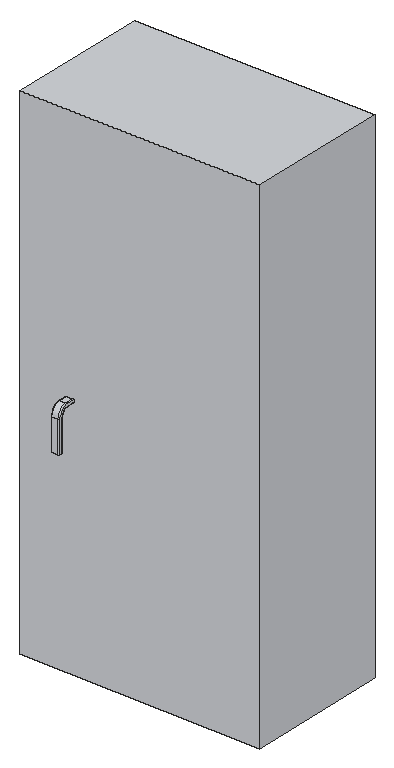
Revit family "M_Interruptor de transferência automática", category Equipamento elétrico, Revit 2019
Family settings
  Cota do conector redondo = Utilizar diâmetro
  Tipo de parte = Quadro elétrico
  Número OmniClass = 23.80.30.11.17
  Título OmniClass = Distribution Boards and Control Panels
  ID de item do Seek = Automatic Transfer Switch-0000-CAN-ENU
  Com base no plano de trabalho = Não
  Sempre na vertical = Sim
  Corte com vazios quando carregada = Não
  Compartilhado = Não
  Ponto de cálculo do ambiente = Não
Parameters (values of type "400-1000 A")
  Largura 2 = Largura do interruptor / 2  # 255.5 mm
  Largura 1 = 158 mm
  Largura do interruptor = 511 mm
  Voltagem do interruptor = 480 V
  Material do interruptor = none
  Comprimento do interruptor = 762 mm
  Altura do interruptor = 1600 mm
  Número de pólos = 3
  Classificação de carga = Outros
  Comprimento 1 = Comprimento do interruptor / 2  # 381 mm
  Altura 1 = 717 mm
Types (6, lengths in mm): name | Largura 2 | Largura 1 | Largura do interruptor | Comprimento do interruptor | Altura do interruptor | Comprimento 1 | Altura 1
  (no name) | 255.5 | 158 | 511 | 762 | 1600 | 381 | 717
  100-200 A | 193.5 | 73 | 387 | 457 | 1219 | 228.5 | 578
  200-400 A | 192 | 60 | 384 | 559 | 1219 | 279.5 | 565
  400-1000 A | 255.5 | 158 | 511 | 762 | 1600 | 381 | 717
  1000-2000 A | 789 | 159 | 1578 | 965 | 2286 | 482.5 | 921
  2000-4000 A | 941.5 | 159 | 1883 | 1168 | 2286 | 584 | 921
Reference planes
  plane 1 "Centro (Frente/Trás)": y = 0
  plane 2: z = 0
  plane 3 "Centro (Esquerda/Direita)": x = 0
  plane 4: x = -381
  plane 5: x = 381
  plane 6: y = -511
  plane 7 "perfil": y = -453.85
  plane 8: z = 1600
  plane 9: y = -255.5
  plane 10: z = 717
  plane 11 "caminho": x = -223
  plane 12: z = 783.675
  plane 13: z = 650.325
  plane 14: y = -504.65
  plane 15: y = -479.25
  plane 16: z = 777.325
  plane 17: z = 751.925
  plane 18: x = -235.7
  plane 19: x = -210.3
  plane 20: z = 770.975
  plane 21: x = -232.525
  plane 22: x = -213.451
  plane 23: z = 780.5
  plane 24: z = 774.15
Forms (mm)
  Extrusion 1, solid, material <- "Material do interruptor"
    sketch origin (0, 0, 0) x (1, 0, 0) y (0, 1, 0)
      loop
        line (-381, 0) -> (-381, -453.85) -> (381, -453.85) -> (381, 0) -> (-381, 0)
    from 1600 to 0
  Sweep 2, solid, material <- "Material do interruptor", detail levels fine
    path in 3D
      loop
        line (-223, -453.85, 777.325) -> (-223, -479.25, 777.325)
        arc (-223, -479.25, 777.325) -> (-223, -497.211, 769.886) -> (-223, -504.65, 751.925) r 25.4
        line (-223, -504.65, 751.925) -> (-223, -504.65, 650.325)
    profile origin (-223, -466.55, 777.325) x (0, 0, -1) y (1, 0, 0)
      loop
        line (-3.175, -12.7) -> (3.175, -12.7)
        arc (3.175, -12.7) -> (5.42, -11.77) -> (6.35, -9.525) r 3.175
        line (6.35, -9.525) -> (6.35, 9.549)
        arc (6.35, 9.549) -> (5.318, 11.897) -> (2.892, 12.724) r 3.187
        line (2.892, 12.724) -> (-3.175, 12.724)
        arc (-3.175, 12.724) -> (-5.42, 11.794) -> (-6.35, 9.549) r 3.175
        line (-6.35, 9.549) -> (-6.35, -9.525)
        arc (-6.35, -9.525) -> (-5.42, -11.77) -> (-3.175, -12.7) r 3.175
Lines and regions (mm)
  model lines, style "InvisibleLines"
    curve 1: line (-223, -453.85, 777.325) -> (-223, -479.25, 777.325)
    curve 2: line (-223, -504.65, 751.925) -> (-223, -504.65, 650.325)
    curve 3: arc (-223, -479.25, 777.325) -> (-223, -497.211, 769.886) -> (-223, -504.65, 751.925) r 25.4
    curve 4: line (-232.525, -453.85, 783.675) -> (-213.451, -453.85, 783.675)
    curve 5: line (-235.7, -453.85, 774.15) -> (-235.7, -453.85, 780.5)
    curve 6: line (-213.451, -453.85, 770.975) -> (-232.525, -453.85, 770.975)
    curve 7: line (-210.276, -453.85, 780.5) -> (-210.276, -453.85, 774.433)
    curve 8: arc (-235.7, -453.85, 780.5) -> (-234.77, -453.85, 782.745) -> (-232.525, -453.85, 783.675) r 3.175
    curve 9: arc (-213.451, -453.85, 783.675) -> (-211.206, -453.85, 782.745) -> (-210.276, -453.85, 780.5) r 3.175
    curve 10: arc (-210.276, -453.85, 774.433) -> (-211.103, -453.85, 772.007) -> (-213.451, -453.85, 770.975) r 3.187
    curve 11: arc (-232.525, -453.85, 770.975) -> (-234.77, -453.85, 771.905) -> (-235.7, -453.85, 774.15) r 3.175
  sketch lines
    curve 12: line (-223, -453.85, 777.325) -> (-223, -479.25, 777.325)
    curve 13: arc (-223, -479.25, 777.325) -> (-223, -497.211, 769.886) -> (-223, -504.65, 751.925) r 25.4
    curve 14: line (-223, -504.65, 751.925) -> (-223, -504.65, 650.325)
Dimensions and locks
  "Comprimento 1": plane 4 to plane 3 "Centro (Esquerda/Direita)"
  "Comprimento do interruptor": plane 4 to plane 5
  "Largura do interruptor": plane 6 to plane 1 "Centro (Frente/Trás)"
  locked: plane 7 "perfil" to plane 6 at 57.15
  "Altura do interruptor": plane 8 to plane 2
  "Largura 2": plane 1 "Centro (Frente/Trás)" to plane 9
  "Altura 1": plane 10 to plane 2
  "Largura 1": plane 11 "caminho" to plane 4
  locked: plane 12 to plane 10 at 66.675
  locked: plane 10 to plane 13 at 66.675
  locked: plane 14 to plane 6 at 6.35
  locked: plane 15 to plane 14 at 25.4
  locked: plane 12 to plane 16 at 6.35
  locked: plane 16 to plane 17 at 25.4
  locked: plane 11 "caminho" to plane 18 at 12.7
  locked: plane 19 to plane 11 "caminho" at 12.7
  locked: plane 12 to plane 20 at 12.7
  locked: plane 21 to plane 18 at 3.175
  plane 19 to plane 22 = 3.151 mm
  locked: plane 12 to plane 23 at 3.175
  locked: plane 24 to plane 20 at 3.175
  aligned and locked: Extrusion 1 to plane 1 "Centro (Frente/Trás)"
  aligned and locked: Extrusion 1 to plane 7 "perfil"
  aligned and locked: plane 5 to Extrusion 1  (x2)
  aligned and locked: Extrusion 1 to plane 4
  aligned and locked: plane 8 to Extrusion 1
  aligned and locked: Extrusion 1 to plane 2
  aligned and locked: plane 4 to Extrusion 1
  aligned and locked: plane 17 to curve 3  (x2)
  aligned and locked: plane 15 to curve 3
  aligned and locked: plane 13 to curve 2
  aligned and locked: plane 14 to curve 2
  aligned and locked: plane 7 "perfil" to curve 1
  aligned and locked: plane 16 to curve 1  (x2)
  aligned and locked: plane 21 to curve 8  (x2)
  aligned and locked: plane 23 to curve 8  (x2)
  aligned and locked: curve 4 to plane 12
  aligned and locked: plane 22 to curve 9  (x2)
  aligned and locked: plane 23 to curve 9  (x2)
  aligned and locked: plane 12 to curve 9
  aligned and locked: plane 22 to curve 10  (x2)
  aligned and locked: plane 24 to curve 11
  aligned and locked: plane 21 to curve 11
  aligned and locked: nested 1 to plane 9
  aligned and locked: plane 3 "Centro (Esquerda/Direita)" to nested 1
Automatic sketch dimensions
  Extrusion 1 sketch curve to plane 4 = 0 mm
  Extrusion 1 sketch curve to plane 5 = 0 mm
  Extrusion 1 sketch curve to plane 7 "perfil" = 0 mm
  Extrusion 1 sketch curve to plane 1 "Centro (Frente/Trás)" = 0 mm
  plane 24 to curve 10 = 0.012 mm
  profile plane to Sweep 2 sketch curve = 6.35 mm
  profile plane to Sweep 2 sketch curve = 3.175 mm  (x2)
  profile plane to Sweep 2 sketch curve = 9.549 mm
  Sweep 2 sketch curve to profile plane = 2.892 mm
  Sweep 2 sketch curve to profile plane = 3.163 mm
  Sweep 2 sketch curve to Sweep 2 sketch curve = 3.175 mm  (x2)
  Sweep 2 sketch curve to profile plane = 9.525 mm
Nested families
  nested 1: "M_Anotação de legenda 3-32" at (0, -255.5, 0), type "Anotação de legenda 3-32", detail levels coarse+medium
Connectors
  electrical at (0, -226.925, 1600), driven by "Voltagem do interruptor", driven by "Número de pólos", driven by "Classificação de carga"
    settings: on Extrusion 1, index 1, voltage 480 V, apparent load 0 VA, apparent load phase1 0 VA, apparent load phase2 0 VA, apparent load phase3 0 VA, power factor 0.8, load classification "Outros", number of poles 3, system type 31, power factor state 1, is connector primary yes, connector utility no, sub classification motor no, connector description ""
  cabletrayconduit at (0, -226.925, 1600), diameter 600
    settings: on Extrusion 1, index 2, connector width 300 mm, connector height 300 mm, connector angle 0.00°, system type 32, placement type 1, profile type 0, connector reference index -1, is primary connector yes, connector utility param no, connector description ""
  cabletrayconduit at (-381, -226.925, 800), diameter 600
    settings: on Extrusion 1, index 3, connector width 300 mm, connector height 300 mm, connector angle 0.00°, system type 32, placement type 1, profile type 0, connector reference index -1, is primary connector no, connector utility param no, connector description ""
  cabletrayconduit at (381, -226.925, 800), diameter 600
    settings: on Extrusion 1, index 4, connector width 300 mm, connector height 300 mm, connector angle 0.00°, system type 32, placement type 1, profile type 0, connector reference index -1, is primary connector no, connector utility param no, connector description ""
  cabletrayconduit at (0, 0, 800), diameter 600
    settings: on Extrusion 1, index 5, connector width 300 mm, connector height 300 mm, connector angle 0.00°, system type 32, placement type 1, profile type 0, connector reference index -1, is primary connector no, connector utility param no, connector description ""
  cabletrayconduit at (0, -226.925, 0), diameter 600
    settings: on Extrusion 1, index 6, connector width 300 mm, connector height 300 mm, connector angle 0.00°, system type 32, placement type 1, profile type 0, connector reference index -1, is primary connector no, connector utility param no, connector description ""
Definition of nested family "M_Anotação de legenda 3-32"
  Parameters
    Legenda = "ATS"
  Reference planes
    plane 1: y = 0
    plane 2: x = 0
  Text (mm)
    label "Legenda" at (0.095, -0.088, 0), shows "Legenda"
